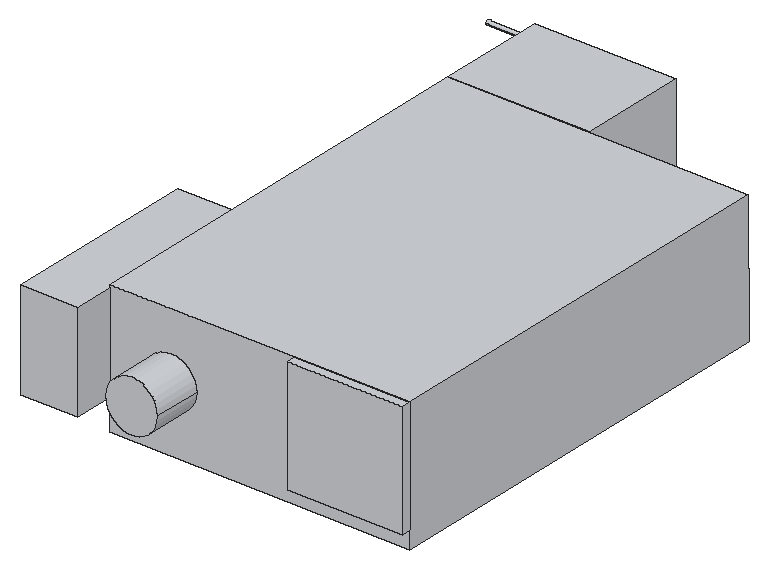
Revit family "QPTW", category Mechanical Equipment, Revit 2018
Family settings
  Round Connector Dimension = Use Radius
  Part Type = Normal
  Work Plane-Based = No
  Always vertical = Yes
  Cut with Voids When Loaded = No
  Shared = No
  Room Calculation Point = No
Parameters (values of type "12506 QPTW 1/4-hp - 06" 1RC W/Out S/Elbow")
  HWC V = 9/16"
  HWC R = HWC Conn Dia / 2  # 1/4"
  HWC Length = 4"
  HWC Conn Dia = 1/2"
  HWC C = 1 5/8"
  HWC B = 1 3/4"
  Enclosure Depth = 6 1/2"
  HWC-Z = 12 1/4"
  Q5Q = 18"
  Q5B = 18"
  Q5 Sound Elbow = no
  Induction Height "D" = 12"
  Induction = yes
  Filter = 1"
  HWC "Y" = 15"
  HWC "X" = 16"
  Width = 34"
  URL = "http://www.anemostat.com"
  Radius = Diameter / 2  # 2 15/16"
  Model = "QPTW"
  Manufacturer = "Anemostat"
  Length = 30"
  Induction Width "C" = 13"
  Height = 15"
  Duct Inlet Radius = Radius + 1/32"  # 2 31/32"
  Diameter = 5 7/8"
  Description = "Series Fan Powered Air Terminal with Hot Water Coil"
Types (105): name | HWC R | HWC Conn Dia | HWC-Z | Q5Q | Q5B | Q5 Sound Elbow | Induction Height "D" | Induction | HWC "Y" | HWC "X" | Width | Radius | Length | Induction Width "C" | Height | Duct Inlet Radius | Diameter
  (no name) | 1/4" | 1/2" | 12 1/4" | 18" | 18" | no | 12" | yes | 15" | 16" | 34" | 2 15/16" | 30" | 13" | 15" | 2 31/32" | 5 7/8"
  25012 QPTW 1/2-hp - 12" 1RC with S/Elbow | 7/16" | 7/8" | 12 1/4" | 18" | 20" | yes | 16" | no | 17 1/2" | 20" | 40" | 5 15/16" | 34" | 17" | 18" | 5 31/32" | 11 7/8"
  37512 QPTW 3/4-hp - 12" 1RC W/Out S/Elbow | 7/16" | 7/8" | 12 1/4" | 20" | 23" | no | 18" | yes | 17 1/2" | 24" | 46" | 5 15/16" | 40" | 21" | 20" | 5 31/32" | 11 7/8"
  37512 QPTW 3/4-hp - 12" 2RC W/Out S/Elbow | 7/16" | 7/8" | 13 1/2" | 20" | 23" | no | 18" | yes | 17 1/2" | 24" | 46" | 5 15/16" | 40" | 21" | 20" | 5 31/32" | 11 7/8"
  37512 QPTW 3/4-hp - 12" 1RC with S/Elbow | 7/16" | 7/8" | 12 1/4" | 20" | 23" | yes | 18" | no | 17 1/2" | 24" | 46" | 5 15/16" | 40" | 21" | 20" | 5 31/32" | 11 7/8"
  37512 QPTW 3/4-hp - 12" 2RC with S/Elbow | 7/16" | 7/8" | 13 1/2" | 20" | 23" | yes | 18" | no | 17 1/2" | 24" | 46" | 5 15/16" | 40" | 21" | 20" | 5 31/32" | 11 7/8"
  37514 QPTW 3/4-hp - 14" 1RC W/Out S/Elbow | 7/16" | 7/8" | 12 1/4" | 20" | 23" | no | 18" | yes | 17 1/2" | 24" | 46" | 6 15/16" | 40" | 21" | 20" | 6 31/32" | 13 7/8"
  37514 QPTW 3/4-hp - 14" 1RC with S/Elbow | 7/16" | 7/8" | 12 1/4" | 20" | 23" | yes | 18" | no | 17 1/2" | 24" | 46" | 6 15/16" | 40" | 21" | 20" | 6 31/32" | 13 7/8"
  37514 QPTW 3/4-hp - 14" 2RC W/Out S/Elbow | 7/16" | 7/8" | 13 1/2" | 20" | 23" | no | 18" | yes | 17 1/2" | 24" | 46" | 6 15/16" | 40" | 21" | 20" | 6 31/32" | 13 7/8"
  37514 QPTW 3/4-hp - 14" 2RC with S/Elbow | 7/16" | 7/8" | 13 1/2" | 20" | 23" | yes | 18" | no | 17 1/2" | 24" | 46" | 6 15/16" | 40" | 21" | 20" | 6 31/32" | 13 7/8"
  37516 QPTW 3/4-hp - 16" 1RC W/Out S/Elbow | 7/16" | 7/8" | 12 1/4" | 20" | 23" | no | 18" | yes | 17 1/2" | 24" | 46" | 7 15/16" | 40" | 21" | 20" | 7 31/32" | 15 7/8"
  37516 QPTW 3/4-hp - 16" 1RC with S/Elbow | 7/16" | 7/8" | 12 1/4" | 20" | 23" | yes | 18" | no | 17 1/2" | 24" | 46" | 7 15/16" | 40" | 21" | 20" | 7 31/32" | 15 7/8"
  37516 QPTW 3/4-hp - 16" 2RC W/Out S/Elbow | 7/16" | 7/8" | 13 1/2" | 20" | 23" | no | 18" | yes | 17 1/2" | 24" | 46" | 7 15/16" | 40" | 21" | 20" | 7 31/32" | 15 7/8"
  37516 QPTW 3/4-hp - 16" 2RC with S/Elbow | 7/16" | 7/8" | 13 1/2" | 20" | 23" | yes | 18" | no | 17 1/2" | 24" | 46" | 7 15/16" | 40" | 21" | 20" | 7 31/32" | 15 7/8"
  12509 QPTW 1/4-hp - 09" 1RC with S/Elbow | 1/4" | 1/2" | 12 1/4" | 18" | 18" | yes | 12" | no | 15" | 16" | 34" | 4 7/16" | 30" | 13" | 15" | 4 15/32" | 8 7/8"
  12509 QPTW 1/4-hp - 09" 1RC W/Out S/Elbow | 1/4" | 1/2" | 12 1/4" | 18" | 18" | no | 12" | yes | 15" | 16" | 34" | 4 7/16" | 30" | 13" | 15" | 4 15/32" | 8 7/8"
  25012 QPTW 1/2-hp - 12" 1RC W/Out S/Elbow | 7/16" | 7/8" | 12 1/4" | 18" | 20" | no | 16" | yes | 17 1/2" | 20" | 40" | 5 15/16" | 34" | 17" | 18" | 5 31/32" | 11 7/8"
  35016 QPTW 1/2-hp - 16" 1RC with S/Elbow | 7/16" | 7/8" | 12 1/4" | 20" | 23" | yes | 18" | no | 17 1/2" | 24" | 46" | 7 15/16" | 40" | 21" | 20" | 7 31/32" | 15 7/8"
  35016 QPTW 1/2-hp - 16" 2RC W/Out S/Elbow | 7/16" | 7/8" | 13 1/2" | 20" | 23" | no | 18" | yes | 17 1/2" | 24" | 46" | 7 15/16" | 40" | 21" | 20" | 7 31/32" | 15 7/8"
  35016 QPTW 1/2-hp - 16" 1RC W/Out S/Elbow | 7/16" | 7/8" | 12 1/4" | 20" | 23" | no | 18" | yes | 17 1/2" | 24" | 46" | 7 15/16" | 40" | 21" | 20" | 7 31/32" | 15 7/8"
  35016 QPTW 1/2-hp - 16" 2RC with S/Elbow | 7/16" | 7/8" | 13 1/2" | 20" | 23" | yes | 18" | no | 17 1/2" | 24" | 46" | 7 15/16" | 40" | 21" | 20" | 7 31/32" | 15 7/8"
  35014 QPTW 1/2-hp - 14" 1RC W/Out S/Elbow | 7/16" | 7/8" | 12 1/4" | 20" | 23" | no | 18" | yes | 17 1/2" | 24" | 46" | 6 15/16" | 40" | 21" | 20" | 6 31/32" | 13 7/8"
  35014 QPTW 1/2-hp - 14" 1RC with S/Elbow | 7/16" | 7/8" | 12 1/4" | 20" | 23" | yes | 18" | no | 17 1/2" | 24" | 46" | 6 15/16" | 40" | 21" | 20" | 6 31/32" | 13 7/8"
  35014 QPTW 1/2-hp - 14" 2RC W/Out S/Elbow | 7/16" | 7/8" | 13 1/2" | 20" | 23" | no | 18" | yes | 17 1/2" | 24" | 46" | 7 15/16" | 40" | 21" | 20" | 7 31/32" | 15 7/8"
  35014 QPTW 1/2-hp - 14" 2RC with S/Elbow | 7/16" | 7/8" | 13 1/2" | 20" | 23" | yes | 18" | no | 17 1/2" | 24" | 46" | 7 15/16" | 40" | 21" | 20" | 7 31/32" | 15 7/8"
  35012 QPTW 1/2-hp - 12" 2RC with S/Elbow | 7/16" | 7/8" | 13 1/2" | 20" | 23" | yes | 18" | no | 17 1/2" | 24" | 46" | 5 15/16" | 40" | 21" | 20" | 5 31/32" | 11 7/8"
  35012 QPTW 1/2-hp - 12" 2RC W/Out S/Elbow | 7/16" | 7/8" | 13 1/2" | 20" | 23" | no | 18" | yes | 17 1/2" | 24" | 46" | 5 15/16" | 40" | 21" | 20" | 5 31/32" | 11 7/8"
  35012 QPTW 1/2-hp - 12" 1RC with S/Elbow | 7/16" | 7/8" | 12 1/4" | 20" | 23" | yes | 18" | no | 17 1/2" | 24" | 46" | 5 15/16" | 40" | 21" | 20" | 5 31/32" | 11 7/8"
  35012 QPTW 1/2-hp - 12" 1RC W/Out S/Elbow | 7/16" | 7/8" | 12 1/4" | 20" | 23" | no | 18" | yes | 17 1/2" | 24" | 46" | 5 15/16" | 40" | 21" | 20" | 5 31/32" | 11 7/8"
  31016 QPTW 1-hp - 16" 2RC with S/Elbow | 7/16" | 7/8" | 13 1/2" | 20" | 23" | yes | 18" | no | 17 1/2" | 24" | 46" | 7 15/16" | 40" | 21" | 20" | 7 31/32" | 15 7/8"
  31016 QPTW 1-hp - 16" 2RC W/Out S/Elbow | 7/16" | 7/8" | 13 1/2" | 20" | 23" | no | 18" | yes | 17 1/2" | 24" | 46" | 7 15/16" | 40" | 21" | 20" | 7 31/32" | 15 7/8"
  31016 QPTW 1-hp - 16" 1RC with S/Elbow | 7/16" | 7/8" | 12 1/4" | 20" | 23" | yes | 18" | no | 17 1/2" | 24" | 46" | 7 15/16" | 40" | 21" | 20" | 7 31/32" | 15 7/8"
  31016 QPTW 1-hp - 16" 1RC W/Out S/Elbow | 7/16" | 7/8" | 12 1/4" | 20" | 23" | no | 18" | yes | 17 1/2" | 24" | 46" | 7 15/16" | 40" | 21" | 20" | 7 31/32" | 15 7/8"
  31014 QPTW 1-hp - 14" 1RC W/Out S/Elbow | 7/16" | 7/8" | 12 1/4" | 20" | 23" | no | 18" | yes | 17 1/2" | 24" | 46" | 6 15/16" | 40" | 21" | 20" | 6 31/32" | 13 7/8"
  31014 QPTW 1-hp - 14" 1RC with S/Elbow | 7/16" | 7/8" | 12 1/4" | 20" | 23" | yes | 18" | no | 17 1/2" | 24" | 46" | 6 15/16" | 40" | 21" | 20" | 6 31/32" | 13 7/8"
  31014 QPTW 1-hp - 14" 2RC W/Out S/Elbow | 7/16" | 7/8" | 13 1/2" | 20" | 23" | no | 18" | yes | 17 1/2" | 24" | 46" | 6 15/16" | 40" | 21" | 20" | 6 31/32" | 13 7/8"
  31014 QPTW 1-hp - 14" 2RC with S/Elbow | 7/16" | 7/8" | 13 1/2" | 20" | 23" | yes | 18" | no | 17 1/2" | 24" | 46" | 6 15/16" | 40" | 21" | 20" | 6 31/32" | 13 7/8"
  31012 QPTW 1-hp - 12" 1RC W/Out S/Elbow | 7/16" | 7/8" | 12 1/4" | 20" | 23" | no | 18" | yes | 17 1/2" | 24" | 46" | 5 15/16" | 40" | 21" | 20" | 5 31/32" | 11 7/8"
  31012 QPTW 1-hp - 12" 1RC with S/Elbow | 7/16" | 7/8" | 12 1/4" | 20" | 23" | yes | 18" | no | 17 1/2" | 24" | 46" | 5 15/16" | 40" | 21" | 20" | 5 31/32" | 11 7/8"
  31012 QPTW 1-hp - 12" 2RC W/Out S/Elbow | 7/16" | 7/8" | 13 1/2" | 20" | 23" | no | 18" | yes | 17 1/2" | 24" | 46" | 5 15/16" | 40" | 21" | 20" | 5 31/32" | 11 7/8"
  31012 QPTW 1-hp - 12" 2RC with S/Elbow | 7/16" | 7/8" | 13 1/2" | 20" | 23" | yes | 18" | no | 17 1/2" | 24" | 46" | 5 15/16" | 40" | 21" | 20" | 5 31/32" | 11 7/8"
  25012 QPTW 1/2-hp - 12" 2RC W/Out S/Elbow | 7/16" | 7/8" | 13 1/2" | 18" | 20" | no | 16" | yes | 17 1/2" | 20" | 40" | 5 15/16" | 34" | 17" | 18" | 5 31/32" | 11 7/8"
  25012 QPTW 1/2-hp - 12" 2RC with S/Elbow | 7/16" | 7/8" | 13 1/2" | 18" | 20" | yes | 16" | no | 17 1/2" | 20" | 40" | 5 15/16" | 34" | 17" | 18" | 5 31/32" | 11 7/8"
  25010 QPTW 1/2-hp - 10" 2RC with S/Elbow | 7/16" | 7/8" | 13 1/2" | 18" | 20" | yes | 16" | no | 17 1/2" | 20" | 40" | 4 15/16" | 34" | 17" | 18" | 4 31/32" | 9 7/8"
  25010 QPTW 1/2-hp - 10" 2RC W/Out S/Elbow | 7/16" | 7/8" | 13 1/2" | 18" | 20" | no | 16" | yes | 17 1/2" | 20" | 40" | 4 15/16" | 34" | 17" | 18" | 4 31/32" | 9 7/8"
  25010 QPTW 1/2-hp - 10" 1RC with S/Elbow | 7/16" | 7/8" | 12 1/4" | 18" | 20" | yes | 16" | no | 17 1/2" | 20" | 40" | 4 15/16" | 34" | 17" | 18" | 4 31/32" | 9 7/8"
  25010 QPTW 1/2-hp - 10" 1RC W/Out S/Elbow | 7/16" | 7/8" | 12 1/4" | 18" | 20" | no | 16" | yes | 17 1/2" | 20" | 40" | 4 15/16" | 34" | 17" | 18" | 4 31/32" | 9 7/8"
  25009 QPTW 1/2-hp - 09" 1RC W/Out S/Elbow | 7/16" | 7/8" | 12 1/4" | 18" | 20" | no | 16" | yes | 17 1/2" | 20" | 40" | 4 7/16" | 34" | 17" | 18" | 4 15/32" | 8 7/8"
  25009 QPTW 1/2-hp - 09" 1RC with S/Elbow | 7/16" | 7/8" | 12 1/4" | 18" | 20" | yes | 16" | no | 17 1/2" | 20" | 40" | 4 7/16" | 34" | 17" | 18" | 4 15/32" | 8 7/8"
  25009 QPTW 1/2-hp - 09" 2RC W/Out S/Elbow | 7/16" | 7/8" | 13 1/2" | 18" | 20" | no | 16" | yes | 17 1/2" | 20" | 40" | 4 7/16" | 34" | 17" | 18" | 4 15/32" | 8 7/8"
  25009 QPTW 1/2-hp - 09" 2RC with S/Elbow | 7/16" | 7/8" | 13 1/2" | 18" | 20" | yes | 16" | no | 17 1/2" | 20" | 40" | 4 7/16" | 34" | 17" | 18" | 4 15/32" | 8 7/8"
  12509 QPTW 1/4-hp - 09" 2RC W/Out S/Elbow | 1/4" | 1/2" | 13 1/2" | 18" | 18" | no | 12" | yes | 15" | 16" | 34" | 4 7/16" | 30" | 13" | 15" | 4 15/32" | 8 7/8"
  12509 QPTW 1/4-hp - 09" 2RC with S/Elbow | 1/4" | 1/2" | 13 1/2" | 18" | 18" | yes | 12" | no | 15" | 16" | 34" | 4 7/16" | 30" | 13" | 15" | 4 15/32" | 8 7/8"
  22512 QPTW 1/4-hp - 12" 1RC W/Out S/Elbow | 7/16" | 7/8" | 12 1/4" | 18" | 20" | no | 16" | yes | 17 1/2" | 20" | 40" | 5 15/16" | 34" | 17" | 18" | 5 31/32" | 11 7/8"
  22512 QPTW 1/4-hp - 12" 1RC with S/Elbow | 7/16" | 7/8" | 12 1/4" | 18" | 20" | yes | 16" | no | 17 1/2" | 20" | 40" | 5 15/16" | 34" | 17" | 18" | 5 31/32" | 11 7/8"
  22512 QPTW 1/4-hp - 12" 2RC W/Out S/Elbow | 7/16" | 7/8" | 13 1/2" | 18" | 20" | yes | 16" | no | 17 1/2" | 20" | 40" | 5 15/16" | 34" | 17" | 18" | 5 31/32" | 11 7/8"
  22512 QPTW 1/4-hp - 12" 2RC with S/Elbow | 7/16" | 7/8" | 13 1/2" | 18" | 20" | yes | 16" | no | 17 1/2" | 20" | 40" | 5 15/16" | 34" | 17" | 18" | 5 31/32" | 11 7/8"
  22510 QPTW 1/4-hp - 10" 1RC W/Out S/Elbow | 7/16" | 7/8" | 12 1/4" | 18" | 20" | no | 16" | yes | 17 1/2" | 20" | 40" | 4 15/16" | 34" | 17" | 18" | 4 31/32" | 9 7/8"
  22509 QPTW 1/4-hp - 09" 1RC W/Out S/Elbow | 7/16" | 7/8" | 12 1/4" | 18" | 20" | no | 16" | yes | 17 1/2" | 20" | 40" | 4 7/16" | 34" | 17" | 18" | 4 15/32" | 8 7/8"
  22510 QPTW 1/4-hp - 10" 1RC with S/Elbow | 7/16" | 7/8" | 12 1/4" | 18" | 20" | yes | 16" | no | 17 1/2" | 20" | 40" | 4 15/16" | 34" | 17" | 18" | 4 31/32" | 9 7/8"
  22509 QPTW 1/4-hp - 09" 1RC with S/Elbow | 7/16" | 7/8" | 12 1/4" | 18" | 20" | yes | 16" | no | 17 1/2" | 20" | 40" | 4 7/16" | 34" | 17" | 18" | 4 15/32" | 8 7/8"
  22509 QPTW 1/4-hp - 09" 2RC W/Out S/Elbow | 7/16" | 7/8" | 13 1/2" | 18" | 20" | no | 16" | yes | 17 1/2" | 20" | 40" | 4 7/16" | 34" | 17" | 18" | 4 15/32" | 8 7/8"
  22509 QPTW 1/4-hp - 09" 2RC with S/Elbow | 7/16" | 7/8" | 13 1/2" | 18" | 20" | yes | 16" | no | 17 1/2" | 20" | 40" | 4 7/16" | 34" | 17" | 18" | 4 15/32" | 8 7/8"
  22510 QPTW 1/4-hp - 10" 2RC W/Out S/Elbow | 7/16" | 7/8" | 13 1/2" | 18" | 20" | no | 16" | yes | 17 1/2" | 20" | 40" | 4 15/16" | 34" | 17" | 18" | 4 31/32" | 9 7/8"
  22510 QPTW 1/4-hp - 10" 2RC with S/Elbow | 7/16" | 7/8" | 13 1/2" | 18" | 20" | yes | 16" | no | 17 1/2" | 20" | 40" | 4 15/16" | 34" | 17" | 18" | 4 31/32" | 9 7/8"
  21709 QPTW 1/6-hp - 09" 1RC W/Out S/Elbow | 7/16" | 7/8" | 12 1/4" | 18" | 20" | no | 16" | yes | 17 1/2" | 20" | 40" | 4 7/16" | 34" | 17" | 18" | 4 15/32" | 8 7/8"
  21709 QPTW 1/6-hp - 09" 1RC with S/Elbow | 7/16" | 7/8" | 12 1/4" | 18" | 20" | yes | 16" | no | 17 1/2" | 20" | 40" | 4 7/16" | 34" | 17" | 18" | 4 15/32" | 8 7/8"
  21710 QPTW 1/6-hp - 10" 1RC W/Out S/Elbow | 7/16" | 7/8" | 12 1/4" | 18" | 20" | no | 16" | yes | 17 1/2" | 20" | 40" | 4 15/16" | 34" | 17" | 18" | 4 31/32" | 9 7/8"
  21710 QPTW 1/6-hp - 10" 1RC with S/Elbow | 7/16" | 7/8" | 12 1/4" | 18" | 20" | yes | 16" | no | 17 1/2" | 20" | 40" | 4 15/16" | 34" | 17" | 18" | 4 31/32" | 9 7/8"
  21709 QPTW 1/6-hp - 09" 2RC W/Out S/Elbow | 7/16" | 7/8" | 13 1/2" | 18" | 20" | no | 16" | yes | 17 1/2" | 20" | 40" | 4 7/16" | 34" | 17" | 18" | 4 15/32" | 8 7/8"
  21709 QPTW 1/6-hp - 09" 2RC with S/Elbow | 7/16" | 7/8" | 13 1/2" | 18" | 20" | yes | 16" | no | 17 1/2" | 20" | 40" | 4 7/16" | 34" | 17" | 18" | 4 15/32" | 8 7/8"
  21710 QPTW 1/6-hp - 10" 2RC W/Out S/Elbow | 7/16" | 7/8" | 13 1/2" | 18" | 20" | no | 16" | yes | 17 1/2" | 20" | 40" | 4 15/16" | 34" | 17" | 18" | 4 31/32" | 9 7/8"
  21710 QPTW 1/6-hp - 10" 2RC withS/Elbow | 7/16" | 7/8" | 13 1/2" | 18" | 20" | yes | 16" | no | 17 1/2" | 20" | 40" | 4 15/16" | 34" | 17" | 18" | 4 31/32" | 9 7/8"
  21712 QPTW 1/6-hp - 12" 2RC W/Out S/Elbow | 7/16" | 7/8" | 13 1/2" | 18" | 20" | no | 16" | yes | 17 1/2" | 20" | 40" | 5 15/16" | 34" | 17" | 18" | 5 31/32" | 11 7/8"
  21712 QPTW 1/6-hp - 12" 2RC with S/Elbow | 7/16" | 7/8" | 13 1/2" | 18" | 20" | yes | 16" | no | 17 1/2" | 20" | 40" | 5 15/16" | 34" | 17" | 18" | 5 31/32" | 11 7/8"
  21712 QPTW 1/6-hp - 12" 1RC W/Out S/Elbow | 7/16" | 7/8" | 12 1/4" | 18" | 20" | no | 16" | yes | 17 1/2" | 20" | 40" | 5 15/16" | 34" | 17" | 18" | 5 31/32" | 11 7/8"
  21712 QPTW 1/6-hp - 12" 1RC with S/Elbow | 7/16" | 7/8" | 12 1/4" | 18" | 20" | yes | 16" | no | 17 1/2" | 20" | 40" | 5 15/16" | 34" | 17" | 18" | 5 31/32" | 11 7/8"
  12508 QPTW 1/4-hp - 08" 2RC with S/Elbow | 1/4" | 1/2" | 13 1/2" | 18" | 18" | yes | 12" | no | 15" | 16" | 34" | 3 15/16" | 30" | 13" | 15" | 3 31/32" | 7 7/8"
  12507 QPTW 1/4-hp - 07" 2RC with S/Elbow | 1/4" | 1/2" | 13 1/2" | 18" | 18" | yes | 12" | no | 15" | 16" | 34" | 3 7/16" | 30" | 13" | 15" | 3 15/32" | 6 7/8"
  12506 QPTW 1/4-hp - 06" 2RC with S/Elbow | 1/4" | 1/2" | 13 1/2" | 18" | 18" | yes | 12" | no | 15" | 16" | 34" | 2 15/16" | 30" | 13" | 15" | 2 31/32" | 5 7/8"
  12508 QPTW 1/4-hp - 08" 1RC W/Out S/Elbow | 1/4" | 1/2" | 12 1/4" | 18" | 18" | no | 12" | yes | 15" | 16" | 34" | 3 15/16" | 30" | 13" | 15" | 3 31/32" | 7 7/8"
  12507 QPTW 1/4-hp - 07" 1RC W/Out S/Elbow | 1/4" | 1/2" | 12 1/4" | 18" | 18" | no | 12" | yes | 15" | 16" | 34" | 3 7/16" | 30" | 13" | 15" | 3 15/32" | 6 7/8"
  12506 QPTW 1/4-hp - 06" 1RC W/Out S/Elbow | 1/4" | 1/2" | 12 1/4" | 18" | 18" | no | 12" | yes | 15" | 16" | 34" | 2 15/16" | 30" | 13" | 15" | 2 31/32" | 5 7/8"
  12506 QPTW 1/4-hp - 06" 1RC with S/Elbow | 1/4" | 1/2" | 12 1/4" | 18" | 18" | yes | 12" | no | 15" | 16" | 34" | 2 15/16" | 30" | 13" | 15" | 2 31/32" | 5 7/8"
  12506 QPTW 1/4-hp - 06" 2RC W/Out S/Elbow | 1/4" | 1/2" | 13 1/2" | 18" | 18" | no | 12" | yes | 15" | 16" | 34" | 2 15/16" | 30" | 13" | 15" | 2 31/32" | 5 7/8"
  12507 QPTW 1/4-hp - 07" 1RC with S/Elbow | 1/4" | 1/2" | 12 1/4" | 18" | 18" | yes | 12" | no | 15" | 16" | 34" | 3 7/16" | 30" | 13" | 15" | 3 15/32" | 6 7/8"
  12507 QPTW 1/4-hp - 07" 2RC W/Out S/Elbow | 1/4" | 1/2" | 13 1/2" | 18" | 18" | no | 12" | yes | 15" | 16" | 34" | 3 7/16" | 30" | 13" | 15" | 3 15/32" | 6 7/8"
  12508 QPTW 1/4-hp - 08" 1RC with S/Elbow | 1/4" | 1/2" | 12 1/4" | 18" | 18" | yes | 12" | no | 15" | 16" | 34" | 3 15/16" | 30" | 13" | 15" | 3 31/32" | 7 7/8"
  12508 QPTW 1/4-hp - 08" 2RC W/Out S/Elbow | 1/4" | 1/2" | 13 1/2" | 18" | 18" | no | 12" | yes | 15" | 16" | 34" | 3 15/16" | 30" | 13" | 15" | 3 31/32" | 7 7/8"
  11706 QPTW 1/6-hp - 06" 1RC W/Out S/Elbow | 1/4" | 1/2" | 12 1/4" | 18" | 18" | no | 12" | yes | 15" | 16" | 34" | 2 15/16" | 30" | 13" | 15" | 2 31/32" | 5 7/8"
  11706 QPTW 1/6-hp - 06" 1RC with S/Elbow | 1/4" | 1/2" | 12 1/4" | 18" | 18" | yes | 12" | no | 15" | 16" | 34" | 2 15/16" | 30" | 13" | 15" | 2 31/32" | 5 7/8"
  11707 QPTW 1/6-hp - 07" 1RC W/Out S/Elbow | 1/4" | 1/2" | 12 1/4" | 18" | 18" | no | 12" | yes | 15" | 16" | 34" | 3 7/16" | 30" | 13" | 15" | 3 15/32" | 6 7/8"
  11707 QPTW 1/6-hp - 07" 1RC with S/Elbow | 1/4" | 1/2" | 12 1/4" | 18" | 18" | yes | 12" | no | 15" | 16" | 34" | 3 7/16" | 30" | 13" | 15" | 3 15/32" | 6 7/8"
  11708 QPTW 1/6-hp - 08" 1RC W/Out S/Elbow | 1/4" | 1/2" | 12 1/4" | 18" | 18" | no | 12" | yes | 15" | 16" | 34" | 3 15/16" | 30" | 13" | 15" | 3 31/32" | 7 7/8"
  11708 QPTW 1/6-hp - 08" 1RC with S/Elbow | 1/4" | 1/2" | 12 1/4" | 18" | 18" | yes | 12" | no | 15" | 16" | 34" | 3 15/16" | 30" | 13" | 15" | 3 31/32" | 7 7/8"
  11709 QPTW 1/6-hp - 09" 1RC W/Out S/Elbow | 1/4" | 1/2" | 12 1/4" | 18" | 18" | no | 12" | yes | 15" | 16" | 34" | 4 7/16" | 30" | 13" | 15" | 4 15/32" | 8 7/8"
  11709 QPTW 1/6-hp - 09" 1RC with S/Elbow | 1/4" | 1/2" | 12 1/4" | 18" | 18" | yes | 12" | no | 15" | 16" | 34" | 4 7/16" | 30" | 13" | 15" | 4 15/32" | 8 7/8"
  11706 QPTW 1/6-hp - 06" 2RC W/Out S/Elbow | 1/4" | 1/2" | 13 1/2" | 18" | 18" | no | 12" | yes | 15" | 16" | 34" | 2 15/16" | 30" | 13" | 15" | 2 31/32" | 5 7/8"
  11706 QPTW 1/6-hp - 06" 2RC with S/Elbow | 1/4" | 1/2" | 13 1/2" | 18" | 18" | yes | 12" | no | 15" | 16" | 34" | 2 15/16" | 30" | 13" | 15" | 2 31/32" | 5 7/8"
  11707 QPTW 1/6-hp - 07" 2RC W/Out S/Elbow | 1/4" | 1/2" | 13 1/2" | 18" | 18" | no | 12" | yes | 15" | 16" | 34" | 3 7/16" | 30" | 13" | 15" | 3 15/32" | 6 7/8"
  11707 QPTW 1/6-hp - 07" 2RC with S/Elbow | 1/4" | 1/2" | 13 1/2" | 18" | 18" | yes | 12" | no | 15" | 16" | 34" | 3 7/16" | 30" | 13" | 15" | 3 15/32" | 6 7/8"
  11708 QPTW 1/6-hp - 08" 2RC W/Out S/Elbow | 1/4" | 1/2" | 13 1/2" | 18" | 18" | no | 12" | yes | 15" | 16" | 34" | 3 15/16" | 30" | 13" | 15" | 3 31/32" | 7 7/8"
  11708 QPTW 1/6-hp - 08" 2RC with S/Elbow | 1/4" | 1/2" | 13 1/2" | 18" | 18" | yes | 12" | no | 15" | 16" | 34" | 3 15/16" | 30" | 13" | 15" | 3 31/32" | 7 7/8"
  11709 QPTW 1/6-hp - 09" 2RC W/Out S/Elbow | 1/4" | 1/2" | 13 1/2" | 18" | 18" | no | 12" | yes | 15" | 16" | 34" | 4 7/16" | 30" | 13" | 15" | 4 15/32" | 8 7/8"
  11709 QPTW 1/6-hp - 09" 2RC with S/Elbow | 1/4" | 1/2" | 13 1/2" | 18" | 18" | yes | 12" | no | 15" | 16" | 34" | 4 7/16" | 30" | 13" | 15" | 4 15/32" | 8 7/8"
Reference planes (in)
  plane 1 "Center (Front/Back)": y = 0
  plane 2: z = 0
  plane 3 "Center (Left/Right)": x = 0
  plane 4 "Right Face": x = 17
  plane 5 "Left Face": x = -17
  plane 6 "Horiz. Centerline": z = 7.5
  plane 7 "Top of Box": z = 15
  plane 8 "Inlet Left Edge": x = -13
  plane 9: y = -5.5
  plane 10: x = -10.0625
  plane 11: z = 3.5
  plane 12: z = 14.625
  plane 13 "Enclosure front": y = -4.5
  plane 14 "Enclosure Back": y = 17.75
  plane 15: z = 3.4375
  plane 16 "Induction C": x = 4
  plane 17: y = -13.5
  plane 18: y = -11.89062
  plane 19: z = 13.42188
  plane 20: y = -10.125
  plane 21: z = 0.9375
  plane 22: z = 1.25
  plane 23 "Back of Box": y = 48
  plane 24 "Q5 Sound Elbow": y = -18
  plane 25 "Filter": y = -1
  plane 26 "Q5 Elbow B": x = -1
  plane 27 "HWC PLANE": y = 60.25
  plane 28 "Enclosure Plane": x = -23.5
  plane 29 "HWC X": x = -1
  plane 30 "HWC Y": z = 15
  plane 31 "HWC Length": x = -21
  plane 32 "HWC B": y = 58.625
  plane 33 "HWC C": y = 56.875
  plane 34: z = 14.4375
  plane 35: z = 0.5625
Forms (in)
  Extrusion 1, solid
    sketch origin (0, 0, 0) x (1, 0, 0) y (0, 0, 1)
      loop
        line (-17, 15) -> (-17, 0) -> (17, 0) -> (17, 15) -> (-17, 15)
    from 0 to -48
  Extrusion 2, solid
    sketch origin (0, 0, 0) x (1, 0, 0) y (0, 0, 1)
      loop
        circle (-10.0625, 7.5) r 2.9375
    from 0 to 5.5
  Extrusion 3, solid, visible <- "Induction"
    sketch origin (0, -1, 0) x (-1, 0, 0) y (0, 0, 1)
      loop
        line (-17, 15) -> (-17, 2) -> (-4, 2) -> (-4, 15) -> (-17, 15)
    from 0 to 1 <- "Filter"
  Extrusion 4, solid, visible <- "Q5 Sound Elbow"
    sketch origin (0, -18, 0) x (-1, 0, 0) y (0, 0, 1)
      loop
        line (1, 15) -> (-17, 15) -> (-17, 0) -> (1, 0) -> (1, 15)
    from 0 to 18 <- "Q5Q"
  Extrusion 5, solid
    sketch origin (-23.5, 0, 0) x (0, 1, 0) y (0, 0, 1)
      loop
        line (17.75, 14.625) -> (-4.5, 14.625) -> (-4.5, 3.5) -> (17.75, 3.5) -> (17.75, 14.625)
    from 0 to 6.5 <- "Enclosure Depth"
  Extrusion 6, solid
    sketch origin (0, 60.25, 0) x (1, 0, 0) y (0, 0, 1)
      loop
        line (-1, 15) -> (-17, 15) -> (-17, 0) -> (-1, 0) -> (-1, 15)
    from 0 to 12.25 <- "HWC-Z"
  Extrusion 7, solid
    sketch origin (-21, 0, 0) x (0, 1, 0) y (0, 0, 1)
      loop
        circle (58.625, 14.4375) r 0.25
      loop
        circle (56.875, 0.5625) r 0.25
    from 0 to 4 <- "HWC Length"
Dimensions and locks (in)
  "Width": plane 5 "Left Face" to plane 4 "Right Face"
  "Height": plane 7 "Top of Box" to level
  equal spacing: plane 7 "Top of Box", plane 6 "Horiz. Centerline", level
  equal spacing: plane 5 "Left Face", plane 3 "Center (Left/Right)", plane 4 "Right Face"
  locked: plane 5 "Left Face" to plane 8 "Inlet Left Edge" at 4
  "Radius": plane 10 to plane 8 "Inlet Left Edge"
  locked: plane 11 to plane 2 at 3.5
  locked: plane 12 to plane 11 at 11.125
  locked: plane 1 "Center (Front/Back)" to plane 13 "Enclosure front" at 4.5
  locked: plane 14 "Enclosure Back" to plane 13 "Enclosure front" at 22.25
  "Induction Width "C"": plane 4 "Right Face" to plane 16 "Induction C"
  locked: plane 17 to plane 1 "Center (Front/Back)" at 13.5
  locked: plane 17 to plane 18 at 1.60938
  locked: plane 7 "Top of Box" to plane 19 at 1.57813
  locked: plane 17 to plane 20 at 3.375
  locked: plane 21 to level at 0.9375
  plane 21 to plane 15 = 2 1/2"
  locked: level to plane 22 at 1.25
  "Radius": connector elem to plane 8 "Inlet Left Edge"
  "Q5Q": plane 24 "Q5 Sound Elbow" to plane 1 "Center (Front/Back)"
  "Q5B": plane 4 "Right Face" to plane 26 "Q5 Elbow B"
  "HWC-Z": plane 23 "Back of Box" to plane 27 "HWC PLANE"
  locked: plane 25 "Filter" to plane 1 "Center (Front/Back)" at 1
  "Enclosure Depth": plane 28 "Enclosure Plane" to plane 5 "Left Face"
  "HWC "X"": plane 5 "Left Face" to plane 29 "HWC X"
  "HWC "Y"": level to plane 30 "HWC Y"
  "HWC Length": plane 31 "HWC Length" to plane 5 "Left Face"
  "HWC C": plane 27 "HWC PLANE" to plane 32 "HWC B"
  "HWC B": plane 32 "HWC B" to plane 33 "HWC C"
  "HWC V": plane 34 to plane 30 "HWC Y"
  "HWC V": plane 35 to level
  "Radius": Extrusion 2 to plane 6 "Horiz. Centerline"
  equal spacing: Extrusion 7 sketch curve, Extrusion 7 sketch curve, plane 32 "HWC B"
  "HWC R": Extrusion 7 sketch curve to plane 33 "HWC C"
  "Radius": radius of Extrusion 2 sketch curve
  "HWC Conn Dia": diameter of Extrusion 7 sketch curve  (x2)
  aligned and locked: plane 23 "Back of Box" to Extrusion 1
  aligned and locked: plane 16 "Induction C" to Extrusion 3 sketch curve
  aligned and locked: Extrusion 3 sketch curve to plane 4 "Right Face"
  aligned and locked: plane 7 "Top of Box" to Extrusion 3 sketch curve
  aligned and locked: plane 4 "Right Face" to Extrusion 4 sketch curve
  aligned and locked: Extrusion 4 sketch curve to plane 7 "Top of Box"
  aligned and locked: Extrusion 4 sketch curve to plane 26 "Q5 Elbow B"
  aligned and locked: level to Extrusion 4 sketch curve
  aligned and locked: Extrusion 5 sketch curve to plane 12
  aligned and locked: plane 14 "Enclosure Back" to Extrusion 5 sketch curve
  aligned and locked: plane 11 to Extrusion 5 sketch curve
  aligned and locked: Extrusion 5 sketch curve to plane 13 "Enclosure front"
  aligned and locked: Extrusion 6 sketch curve to plane 30 "HWC Y"
  aligned and locked: plane 29 "HWC X" to Extrusion 6 sketch curve
  aligned and locked: level to Extrusion 6 sketch curve
  aligned and locked: Extrusion 6 sketch curve to plane 5 "Left Face"
Automatic sketch dimensions
  Extrusion 1 sketch curve to level = 0"
  plane 5 "Left Face" to Extrusion 1 sketch curve = 0"
  Extrusion 1 sketch curve to plane 4 "Right Face" = 0"
  plane 7 "Top of Box" to Extrusion 1 sketch curve = 0"
  Extrusion 2 sketch curve to plane 6 "Horiz. Centerline" = 0"
  Extrusion 2 sketch curve to plane 10 = 0"
  Extrusion 3 sketch curve to plane 22 = 3/4"
  Extrusion 7 sketch curve to plane 35 = 0"
  plane 34 to Extrusion 7 sketch curve = 0"
  Extrusion 7 sketch curve to plane 32 "HWC B" = 0"
Connectors (in)
  hvac at (-10.0625, -5.5, 7.5), driven by "Duct Inlet Radius"
    settings: on Extrusion 2, index 1, duct flow 0 CFM, flow factor 0, pres drop 0.00 in-wg, loss coef 0, conn angle 0.00°, conn width 12", conn height 12", conn diameter 5 15/16", duct sys type 1, conn prof type 0, flow config 0, flow direction 0, loss method 0, conn ref index -1, conn util no, is conn primary yes, conn desc ""
  piping at (-21, 58.625, 14.4375), diameter 1, driven by "HWC Conn Dia"
    settings: on Extrusion 7, index 2, connector inside diameter 24", connector length 0", flow factor 0, pipe flow 0 GPM, pressure drop 0.00 psi, fitting loss kfactor 0, connector angle 0.00°, fixture units 0, engagement length 0", angle of deflection 0.00°, flow configuration 0, flow direction 0, fitting loss method 0, system type 7, joint type 0, gender type 0, connector reference index -1, connector utility 0, adjustable connector no, is connector primary yes, connector description ""
  piping at (-21, 56.875, 0.5625), diameter 1, driven by "HWC Conn Dia"
    settings: on Extrusion 7, index 3, connector inside diameter 24", connector length 0", flow factor 0, pipe flow 0 GPM, pressure drop 0.00 psi, fitting loss kfactor 0, connector angle 0.00°, fixture units 0, engagement length 0", angle of deflection 0.00°, flow configuration 0, flow direction 0, fitting loss method 0, system type 7, joint type 0, gender type 0, connector reference index -1, connector utility 0, adjustable connector no, is connector primary no, connector description ""
  electrical at (-23.5, 6.625, 9.0625)
    settings: on Extrusion 5, index 4, voltage 0 V, apparent load 0 VA, apparent load phase1 0 VA, apparent load phase2 0 VA, apparent load phase3 0 VA, power factor 1, load classification "Other", number of poles 1, system type 31, power factor state 1, is connector primary yes, connector utility no, sub classification motor no, connector description ""
  hvac at (-9, 60.25, 7.5), driven by "HWC "Y"", driven by "HWC "X""
    settings: on Extrusion 6, index 5, duct flow 0 CFM, flow factor 0, pres drop 0.00 in-wg, loss coef 0, conn angle 0.00°, conn width 16", conn height 15", conn diameter 24", duct sys type 3, conn prof type 1, flow config 0, flow direction 0, loss method 0, conn ref index -1, conn util no, is conn primary no, conn desc ""
